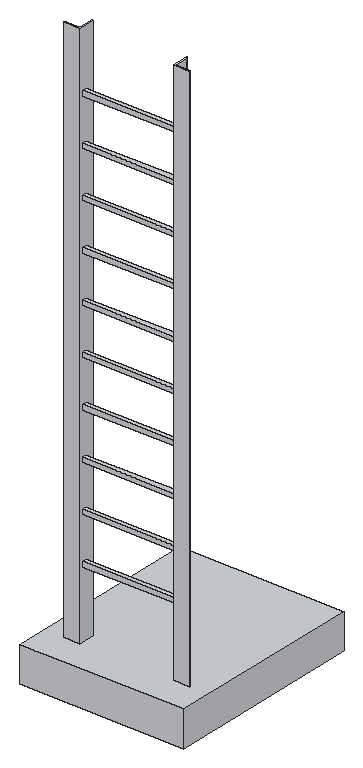
Revit family "Non-Caged Ladder", category Generic Models, host Wall, Revit 2023
Family settings
  Host = Wall
  Can host rebar = No
  Round Connector Dimension = Use Diameter
  Part Type = Normal
  Always vertical = Yes
  Cut with Voids When Loaded = No
  Maintain Annotation Orientation = No
  Shared = No
  Room Calculation Point = No
Parameters (values of type "H_GM_AR_S08_Non Caged Ladder_Bracket Set 150_H1250")
  ld_total height [instance] = 2500 mm
  ld_rung size [instance] = 20 mm
  ld_rung posi_hori = 19.3 mm
  ld_rung dist_first [instance] = 300 mm
  ld_pad width [instance] = 700 mm
  ld_pad to mf center = 150 mm
  ld_pad length [instance] = 850 mm
  ld_pad height [instance] = 150 mm
  ld_main distance [instance] = 400 mm
  ld_dist_to wall = 350 mm
  ld_dist_mf edge to pad edge = 115 mm
  c1_material [instance] = none
  ld_rung spacing [instance] = 200 mm
  ld_number of rungs [instance] = (ld_total height - ld_pad height - ld_rung dist_first) / ld_rung spacing  # 10
  Default Elevation = 0 mm
Types (2): name
  H_GM_AR_S08_Non Caged Ladder_Bracket Set 150_H1250
  H_GM_AR_S08_Non Caged Ladder_Bracket Set 150_H5000
Reference planes
  plane 1 "Wall": y = 0
  plane 2 "Center (Left/Right)": x = 125
  plane 3 "Back": y = 75
  plane 4: x = 325
  plane 5: x = -75
  plane 6: y = 350
  plane 7: x = -225
  plane 8: y = 1069.3
  plane 9: x = 475
  plane 10: y = 219.3
  plane 11: z = 150
  plane 12: z = 450
  plane 13: y = 369.3
  plane 14: z = 2500
Forms (mm)
  Extrusion 1, solid, material <- "c1_material"
    sketch origin (232.939, 1043.776, 0) x (1, 0, 0) y (0, 1, 0)
      loop
        line (-457.939, 25.524) -> (-457.939, -824.476) -> (242.061, -824.476) -> (242.061, 25.524) -> (-457.939, 25.524)
    from 0 to 150
Text (mm)
  text "Placement Side" at (-1848.837, 1116.779, 0), in view "Ref. Level"
  text "Placement side" at (0, 1409.804, 2854.306), in view "Left"
  text "Placement side" at (0, 499.811, 2980.732), in view "Right"
Dimensions and locks
  locked: plane 3 "Back" to host wall
  equal spacing: plane 5, plane 2 "Center (Left/Right)", plane 4  (x2)
  "ld_main distance": plane 5 to plane 4
  equal spacing: plane 7, plane 2 "Center (Left/Right)", plane 9
  "ld_pad length": plane 8 to plane 10
  "ld_pad height": level to plane 11
  "ld_dist_to wall": plane 1 "Wall" to plane 6
  "ld_rung posi_hori": plane 13 to plane 6
  "ld_pad to mf center": plane 13 to plane 10
  "ld_total height": level to plane 14
  "ld_rung dist_first": plane 11 to plane 12
  equal spacing: group 10, group 9, group 8, group 7, group 6, group 5, group 4, group 3, group 2, group 1
  equal spacing: group 1, group 2, group 3, group 4, group 5, group 6, group 7, group 8, group 9, group 10  (x2)
  "ld_rung spacing": plane 12 to nested 3
  "ld_pad width": plane 7 to plane 9
  aligned and locked: plane 1 "Wall" to host wall
  aligned and locked: Extrusion 1 to plane 10
  aligned and locked: plane 8 to Extrusion 1
  aligned and locked: plane 11 to Extrusion 1
  aligned and locked: plane 11 to nested 1
  aligned and locked: plane 14 to nested 1
  aligned and locked: nested 1 to plane 13
  aligned and locked: nested 2 to plane 13
  aligned and locked: plane 12 to nested 2
  aligned and locked: plane 2 "Center (Left/Right)" to nested 2
  aligned and locked: plane 4 to nested 1  (x2)
  aligned and locked: Extrusion 1 to plane 7  (x2)
  aligned and locked: plane 9 to Extrusion 1  (x2)
  aligned and locked: nested 1 to plane 4  (x2)
  aligned and locked: plane 6 to nested 1
  aligned and locked: plane 5 to nested 2  (x2)
  aligned and locked: nested 2 to plane 4  (x2)
  aligned and locked: plane 4 to nested 2
  aligned and locked: nested 2 to plane 5
  aligned and locked: plane 5 to nested 11
  aligned and locked: nested 11 to plane 13
  aligned and locked: Extrusion 1 sketch curve to plane 8
  aligned and locked: plane 10 to Extrusion 1 sketch curve
  aligned and locked: plane 7 to Extrusion 1 sketch curve
  aligned and locked: Extrusion 1 sketch curve to plane 9
  aligned and locked: plane 5 to nested 12
  aligned and locked: nested 12 to plane 14
Nested families
  nested 1: "L-각도" at (344.3, 369.3, 1254.441) x (0, 0, 1) z (-1, 0, 0), type "L70X70X6"
    with built-in parameter 1005500 (empty or 0), built-in parameter 1001375 1500 mm, k 10 mm, W 0.062566, b 70 mm, d 70 mm, t 6 mm, x 19.3 mm, y 19.3 mm, A 0.0008127 m²
  nested 2: "ld_square rung" at (125, 369.3, 450), ld_rung width <- "ld_main distance", ld_rung size <- "ld_rung size", type "ld_square rung"
    with ld_rung width 400 mm, ld_rung size 20 mm
  nested 3: "ld_square rung" at (125, 369.3, 650), ld_rung width <- "ld_main distance", ld_rung size <- "ld_rung size", type "ld_square rung"
    with ld_rung width 400 mm, ld_rung size 20 mm
  nested 4: "ld_square rung" at (125, 369.3, 850), ld_rung width <- "ld_main distance", ld_rung size <- "ld_rung size", type "ld_square rung"
    with ld_rung width 400 mm, ld_rung size 20 mm
  nested 5: "ld_square rung" at (125, 369.3, 1050), ld_rung width <- "ld_main distance", ld_rung size <- "ld_rung size", type "ld_square rung"
    with ld_rung width 400 mm, ld_rung size 20 mm
  nested 6: "ld_square rung" at (125, 369.3, 1250), ld_rung width <- "ld_main distance", ld_rung size <- "ld_rung size", type "ld_square rung"
    with ld_rung width 400 mm, ld_rung size 20 mm
  nested 7: "ld_square rung" at (125, 369.3, 1450), ld_rung width <- "ld_main distance", ld_rung size <- "ld_rung size", type "ld_square rung"
    with ld_rung width 400 mm, ld_rung size 20 mm
  nested 8: "ld_square rung" at (125, 369.3, 1650), ld_rung width <- "ld_main distance", ld_rung size <- "ld_rung size", type "ld_square rung"
    with ld_rung width 400 mm, ld_rung size 20 mm
  nested 9: "ld_square rung" at (125, 369.3, 1850), ld_rung width <- "ld_main distance", ld_rung size <- "ld_rung size", type "ld_square rung"
    with ld_rung width 400 mm, ld_rung size 20 mm
  nested 10: "ld_square rung" at (125, 369.3, 2050), ld_rung width <- "ld_main distance", ld_rung size <- "ld_rung size", type "ld_square rung"
    with ld_rung width 400 mm, ld_rung size 20 mm
  nested 11: "ld_square rung" at (125, 369.3, 2250), ld_rung width <- "ld_main distance", ld_rung size <- "ld_rung size", type "ld_square rung"
    with ld_rung width 400 mm, ld_rung size 20 mm
  nested 12: "L-각도" at (-94.3, 369.3, 1254.441) x (0, 0, 1) z (1, 0, 0), type "L70X70X6"
    with built-in parameter 1005500 (empty or 0), built-in parameter 1001375 1500 mm, k 10 mm, W 0.062566, b 70 mm, d 70 mm, t 6 mm, x 19.3 mm, y 19.3 mm, A 0.0008127 m²
Definition of nested family "L-각도"
  Parameters (values of type "L100X100X7")
    k = 12 mm
    W = 0.10493
    Structural Material [instance] = none
    Length [instance] = 1500 mm
    b = 100 mm
    d = 100 mm
    t = 7 mm
    x = 27.1 mm
    y = 27.1 mm
    A = 0.001 m²
  Reference planes
    plane 1 "중심(앞/뒤)": y = 0
    plane 2: z = 0
    plane 3 "중심(왼쪽/오른쪽)": x = 4.61
    plane 4 "왼쪽 부재": x = -604.99
    plane 5 "오른쪽 부재": x = 614.21
    plane 6: y = 27.1
    plane 7: y = -72.9
    plane 8 "상단": z = 27.1
    plane 9: z = -72.9
    plane 10 "왼쪽": x = -757.39
    plane 11 "오른쪽": x = 742.61
  Forms (mm)
    Sweep 1, solid, material <- "Structural Material", detail levels medium
      path origin (0, 0, 0) x (1, 0, 0) y (0, 1, 0)
        loop
          line (614.21, 0) -> (-604.99, 0)
      profile "M_L-각도-프로파일-중간 : M_L-각도-프로파일-중간" origin (4.61, 0, 0) x (0, -1, 0) y (0, 0, 1)
        loop
          line (-27.1, -72.9) -> (-20.1, -72.9) -> (-20.1, 20.1) -> (72.9, 20.1) -> (72.9, 27.1) -> (-27.1, 27.1) -> (-27.1, -72.9)
    Sweep 2, solid, material <- "Structural Material", detail levels fine
      path origin (0, 0, 0) x (1, 0, 0) y (0, 1, 0)
        loop
          line (614.21, 0) -> (-604.99, 0)
      profile "M_L-각도-프로파일-높은 상세 : M_L-각도-프로파일-높은 상세" origin (4.61, 0, 0) x (0, -1, 0) y (0, 0, 1)
        loop
          arc (-27.1, -72.9) -> (-22.15, -70.85) -> (-20.1, -65.9) r 7
          line (-20.1, -65.9) -> (-20.1, 13.1)
          arc (-20.1, 13.1) -> (-18.05, 18.05) -> (-13.1, 20.1) r 7
          line (-13.1, 20.1) -> (65.9, 20.1)
          arc (65.9, 20.1) -> (70.85, 22.15) -> (72.9, 27.1) r 7
          line (72.9, 27.1) -> (-27.1, 27.1) -> (-27.1, -72.9)
  Lines and regions (mm)
    symbolic lines, detail levels medium+fine
      curve 1: line (-604.99, 0, 14.1) -> (614.21, 0, 14.1)
      curve 2: line (-604.99, 20.1, 0) -> (614.21, 20.1, 0)
    symbolic lines, detail levels coarse
      curve 3: line (4.61, 27.1, 27.1) -> (4.61, -72.9, 27.1)
      curve 4: line (4.61, 27.1, -72.9) -> (4.61, 27.1, 27.1)
  Dimensions and locks
    "b": plane 6 to plane 7
    "d": plane 9 to plane 8 "상단"
    "x": plane 6 to plane 1 "중심(앞/뒤)"
    "y": plane 8 "상단" to plane 2
    "Length": plane 10 "왼쪽" to plane 11 "오른쪽"
    "t": plane 6 to curve 2
    aligned and locked: Sweep 1 sketch curve to plane 1 "중심(앞/뒤)"
    aligned and locked: Sweep 2 sketch curve to plane 1 "중심(앞/뒤)"
    aligned and locked: Sweep 1 to curve 3
    aligned and locked: curve 4 to Sweep 1
    aligned and locked: curve 3 to Sweep 2
    aligned and locked: curve 4 to Sweep 2
    aligned and locked: plane 4 "왼쪽 부재" to Sweep 1 sketch curve
    aligned and locked: plane 5 "오른쪽 부재" to Sweep 1 sketch curve
    aligned and locked: plane 4 "왼쪽 부재" to Sweep 2 sketch curve
    aligned and locked: plane 5 "오른쪽 부재" to Sweep 2 sketch curve
    aligned and locked: plane 4 "왼쪽 부재" to curve 1
    aligned and locked: plane 5 "오른쪽 부재" to curve 1
    aligned and locked: plane 4 "왼쪽 부재" to curve 2
    aligned and locked: plane 5 "오른쪽 부재" to curve 2
  Automatic sketch dimensions
    plane 8 "상단" to curve 1 = 13 mm
Definition of nested family "ld_square rung"
  Parameters (values of type "ld_square rung")
    ld_rung width [instance] = 400 mm
    ld_rung size [instance] = 20 mm
    Default Elevation = 0 mm
  Reference planes
    plane 1 "Center (Front/Back)": y = 0
    plane 2: z = 0
    plane 3 "Center (Left/Right)": x = 0
    plane 4: y = -10
    plane 5: y = 10
    plane 6: z = 0
    plane 7: z = 10
    plane 8: z = -10
    plane 9: x = -200
    plane 10: x = 200
  Forms (mm)
    Extrusion 1, solid
      sketch origin (0, 0, 0) x (0, 1, 0) y (0, 0, 1)
        loop
          line (-10, 10) -> (-10, -10) -> (10, -10) -> (10, 10) -> (-10, 10)
      from -200 to 200
  Dimensions and locks
    equal spacing: plane 9, plane 3 "Center (Left/Right)", plane 10
    "ld_rung width": plane 9 to plane 10
    equal spacing: plane 4, plane 1 "Center (Front/Back)", plane 5
    equal spacing: plane 7, level, plane 8
    "ld_rung size": plane 7 to plane 8
    "ld_rung size": plane 4 to plane 5
    aligned and locked: level to plane 2
    aligned and locked: Extrusion 1 sketch curve to plane 7
    aligned and locked: plane 8 to Extrusion 1 sketch curve
    aligned and locked: plane 5 to Extrusion 1 sketch curve
    aligned and locked: Extrusion 1 sketch curve to plane 4
    aligned and locked: plane 9 to Extrusion 1
    aligned and locked: plane 10 to Extrusion 1
    aligned and locked: Extrusion 1 to plane 9
    aligned and locked: Extrusion 1 to plane 10
